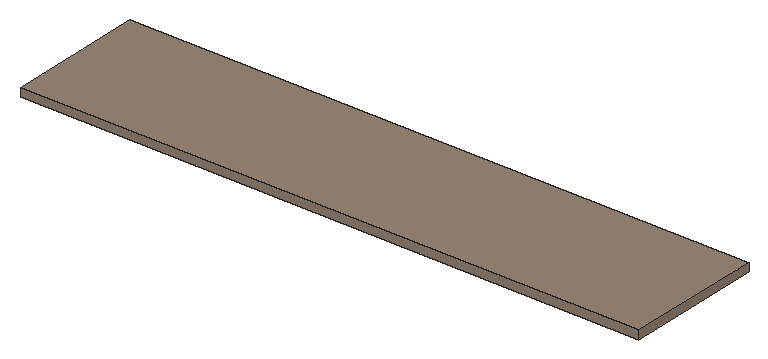
Revit family "Storage_Top-Teknion-CCCT_Credenza_Top-R2022", category Furniture, Revit 2022
Family settings
  OmniClass Number = 23.40.20.00
  OmniClass Title = General Furniture and Specialties
  Work Plane-Based = No
  Always vertical = Yes
  Cut with Voids When Loaded = No
  Render Appearance Source = Family Geometry
  Shared = Yes
  Room Calculation Point = No
Parameters (values of type "24" Depth")
  Width [instance] = 108.000"
  Warranty = "http://www.teknion.com/ca/papers/legal-canada"
  Unit Weight URL = "http://www.teknion.com/ca/tools/assets#&asset=bee6a381-b954-425e-8283-5a2de3a804f2,f828d448-4b62-4231-9e5f-9a8991c0ed77"
  URL = "www.teknion.com"
  Top Finishes [instance] = Veneer -Teknion - UU - Rustic Oak - Sierra
  To render please download texture images found here [instance] = "https://assets.teknion.com/web/5e81352c1dfdb467/revit-material-swatches/"
  Sustainability Data = "https://www.teknion.com/ca/tools/assets#&topic=216f99a5-57a0-44fc-b10a-9dee9b29ae4c&asset=444deb64-fe58-4b68-981e-f75e97781df7,b4ff2d81-9f2e-437d-9659-7cffb09c31cf"
  Series = "Chronicle"  # constant formula
  Product Page URL = "https://www.teknion.com/ca/pricing-module/chronicle-specifying"
  Product Line = "Chronicle"  # constant formula
  Product Documentation Link = "https://www.teknion.com/pricing/chronicle/pdfs/Credenzas_ppg.pdf"
  Part Number = "CCCT"  # constant formula
  Model = "CCCT24"
  Manufacturer Phone = "416-661-3370"  # constant formula
  Manufacturer Fax = "416.661.4586"  # constant formula
  Manufacturer Contact Information = "http://www.teknion.com/ca/contactus"
  Manufacturer Address = "1150 Flint Road, Toronto, ON. M3J 2J5. Canada"  # constant formula
  Manufacturer = "Teknion"  # constant formula
  How To Use Teknion Materials User Guide [instance] = "https://assets.teknion.com/m/205dd0a49fa58060/original/How-to-add-a-Material-Library-and-Texture-Images-to-your-Revit-project.pdf"
  For Additional Finishes please visit [instance] = "https://assets.teknion.com/m/44a8009b046e5d47/original/Teknion_Materials_Library.zip"
  Description = "Credenza Top 24\"Depth"
  Depth = 24.000"
  Default Elevation = 0.000"
  Available Width [instance] = "18,30,36,42,48,54,60,66,72,78,84,90,96,102,108 inch"  # constant formula
  Assembly Code = "E2020200"
Types (3): name | Top Finishes | Product Page URL | Product Documentation Link | Model | Description | Depth
  (no name) | Veneer -Teknion - UU - Rustic Oak - Sierra | "https://www.teknion.com/ca/pricing-module/chronicle-specifying" | "https://www.teknion.com/pricing/chronicle/pdfs/Credenzas_ppg.pdf" | "CCCT24" | "Credenza Top 24\"Depth" | 24.000"
  20" Depth | Veneer - Teknion - U3 - Natural Walnut | "" | "" | "CCCT20" | "Credenza Top 20\" Depth" | 20.000"
  24" Depth | Veneer -Teknion - UU - Rustic Oak - Sierra | "https://www.teknion.com/ca/pricing-module/chronicle-specifying" | "https://www.teknion.com/pricing/chronicle/pdfs/Credenzas_ppg.pdf" | "CCCT24" | "Credenza Top 24\"Depth" | 24.000"
Reference planes (in)
  plane 1 "Center Front/Back": y = -1362
  plane 2: z = 0
  plane 3 "Center Left/Right": x = 1704
  plane 4 "Left": x = 1650
  plane 5 "Right": x = 1758
  plane 6 "Back": y = -1350
  plane 7 "Front": y = -1374
  plane 8 "Top": z = 29
Forms (in)
  Sweep 1, solid, material "Veneer -Teknion - UU - Rustic Oak - Sierra" <- "Top Finishes"
    path origin (0, -1362, 0) x (1, 0, 0) y (0, 0, 1)
      loop
        line (1704, 29) -> (1704, 27.5)
    profile origin (1704, -1362, 28.25) x (0, -1, 0) y (1, 0, 0)
      loop
        line (-12, -54) -> (12, -54) -> (12, 54) -> (-12, 54) -> (-12, -54)
Lines and regions (in)
  Masking region 1
    outline origin (0, 0, 0) x (1, 0, 0) y (0, 1, 0)
      loop
        line (1758, -1350) -> (1650, -1350) -> (1650, -1374) -> (1758, -1374) -> (1758, -1350)
  reference lines
    curve 1: line (1650, -1350, 0) -> (1650, -1374, 0)
    curve 2: line (1650, -1350, 0) -> (1758, -1350, 0)
    curve 3: line (1650, -1374, 0) -> (1758, -1374, 0)
    curve 4: line (1758, -1350, 0) -> (1758, -1374, 0)
Dimensions and locks (in)
  "Width": plane 4 "Left" to plane 5 "Right"
  "Depth": plane 6 "Back" to plane 7 "Front"
  locked: plane 8 "Top" to level at 29
  equal spacing: plane 4 "Left", plane 3 "Center Left/Right", plane 5 "Right"
  equal spacing: plane 6 "Back", plane 1 "Center Front/Back", plane 7 "Front"
  locked: Sweep 1 sketch curve to Sweep 1 sketch curve at 1.5
  aligned and locked: level to plane 2
  aligned and locked: Sweep 1 sketch curve to plane 3 "Center Left/Right"
  aligned and locked: plane 8 "Top" to Sweep 1 sketch curve
  aligned and locked: plane 6 "Back" to Sweep 1 sketch curve
  aligned and locked: Sweep 1 sketch curve to plane 4 "Left"
  aligned and locked: plane 7 "Front" to Sweep 1 sketch curve
  aligned and locked: Sweep 1 sketch curve to plane 5 "Right"
  aligned and locked: curve 1 to plane 4 "Left"
  aligned and locked: curve 2 to plane 6 "Back"
  aligned and locked: plane 7 "Front" to curve 3
  aligned and locked: curve 4 to plane 5 "Right"
  aligned and locked: Masking region 1 sketch curve to Sweep 1  (x4)
  aligned and locked: plane 4 "Left" to nested 1
  aligned and locked: nested 2 to plane 4 "Left"
  aligned and locked: nested 2 to plane 7 "Front"
  aligned and locked: plane 7 "Front" to nested 5
  aligned and locked: nested 5 to plane 5 "Right"
  aligned and locked: nested 4 to plane 5 "Right"
  aligned and locked: nested 4 to plane 6 "Back"
  aligned and locked: nested 1 to plane 6 "Back"
Nested families (in)
  nested 1: "Teknion_2D_Node_Family-R2016" at (1650, -1350, 0), type "Teknion_2D_Node_Family-R2016"
  nested 2: "Teknion_2D_Node_Family-R2016" at (1650, -1374, 0), type "Teknion_2D_Node_Family-R2016"
  nested 3: "Teknion_2D_Node_Family-R2016" at (1704, -1362, 0), type "Teknion_2D_Node_Family-R2016"
  nested 4: "Teknion_2D_Node_Family-R2016" at (1758, -1350, 0), type "Teknion_2D_Node_Family-R2016"
  nested 5: "Teknion_2D_Node_Family-R2016" at (1758, -1374, 0), type "Teknion_2D_Node_Family-R2016"
Definition of nested family "Teknion_2D_Node_Family-R2016"
  Reference planes (in)
    plane 1 "Center (Front/Back)": y = 0
    plane 2: z = 0
    plane 3 "Center (Left/Right)": x = 0
  Lines and regions (in)
    detail lines, in view "Ref. Level"
      curve 1: circle (0, 0, 0) r 1.25 normal (0, 0, 1)
      curve 2: line (1.91508, -1.91508, 0) -> (-1.91508, 1.91508, 0)
      curve 3: line (-1.91508, -1.91508, 0) -> (1.91508, 1.91508, 0)
